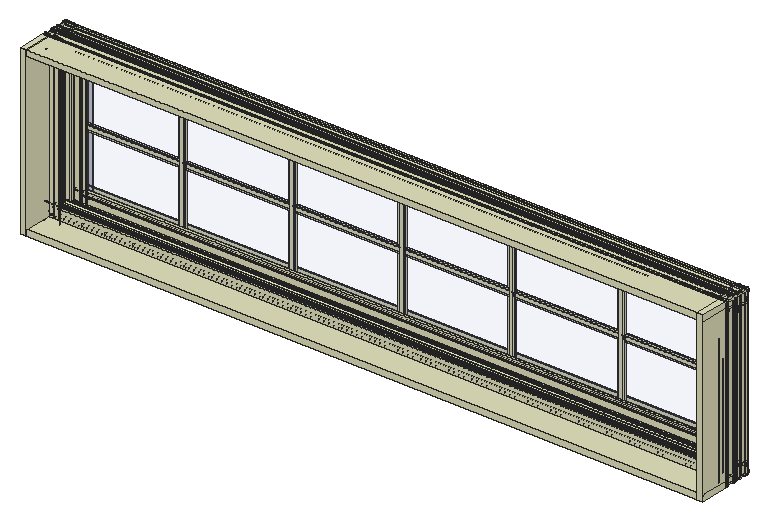
Revit family
Parameters
  Vertical Mullion 5 [instance] = Traditional Grille  # yes
  Unit Width = 5' - 11 1/2"
  Unit Height = 1' - 5 1/2"
  URL = "www.pella.com"
  Traditional Grille [instance] = yes
  Size Constraints = "Window Sizing constraints available in 1/4 inch (6.35 mm) increments"  # constant formula
  Set Back = 0' - 1 5/16"
  Series = "Impervia Series"  # constant formula
  Sections = ""
  Sash Width = Width - 0' 2 1/2"  # 5' - 9"
  Rough Width = Width + 0' 0 1/2"  # 6' - 0"
  Rough Height = Height + 0' 0 1/2"  # 1' - 6"
  Revisions Date = "07/29/2009"  # constant formula
  Prairie Grille [instance] = no
  OmniClass 23 = "23-30 00 00,23-30 20 00,23-30 20 14 17,23-30 20 17,23-30 20 17 11"  # constant formula
  MasterFormat 2004 = "08 00 00,08 50 00,08 52 00,08 53 13"  # constant formula
  Manufacturer = "Pella Windows & Doors"  # constant formula
  LEED = ""
  Interior Finish = Pella-Exterior Clad-Tan
  Horizontal Mullion 1 [instance] = and(Traditional Grille, not(Height > 1' 11 1/2"), and(Height > 1' 5 3/8"))  # yes
  Height = if(or(and(Unit Height < 1' 11 1/2", Unit Height > 1' 1 1/2"), or(Unit Height = 1' 11 1/2", Unit Height = 1' 1 1/2")), Unit Height, if(Unit Height < 1' 1 1/2", 1' 1 1/2", 1' 11 1/2"))  # 1' - 5 1/2"
  Head Height = Default Sill Height + Height  # 4' - 1"
  Grille Finish = Pella-Exterior Clad-Tan
  Glazing Type = Pella-Argon Filled, Low-E Insulating Glass
  Glazing = 0' - 0.71394"  # constant formula
  Exterior Finish = Pella-Exterior Clad-Tan
  Description = "Sliding Contemporary - Transom Units"  # constant formula
  Default Sill Height = 2' - 7 1/2"
  Wall Closure = (empty or 0)
  Width = if(or(and(Unit Width < 5' 11 1/2", Unit Width > 4' 11 1/2"), or(Unit Width = 5' 11 1/2", Unit Width = 4' 11 1/2")), Unit Width, if(Unit Width < 4' 11 1/2", 4' 11 1/2", 5' 11 1/2"))  # 5' - 11 1/2"
  Assembly Code = "B2020100"
  Architectural Design Manual = "www.pellaadm.com"
  Architectural Data Sheet = "To be determined"
Reference planes (in)
  plane 1: y = 0
  plane 2 "Center (Left/Right)": x = 0
  plane 3 "Left": x = -35.75
  plane 4 "Right": x = 35.75
  plane 5 "Sill": z = 31.5
  plane 6 "Head": z = 49
  plane 7 "Exterior": y = 2.95276
  plane 8 "Interior": y = -2.95276
  plane 9 "Exterior Facade": y = 4.26526
  plane 10 "Set Back": y = 2.95276
  plane 11 "Left Sash": x = -34.5
  plane 12 "Right Sash": x = 34.5
  plane 13 "Interior Left": x = -33.0132
  plane 14 "Interior Right": x = 33.0132
  plane 15 "Head (Interior)": z = 47.75
  plane 16 "Sill (Interior)": z = 32.75
  plane 17 "Head-Interior": z = 46.2632
  plane 18 "Sill-Interior": z = 34.2368
  plane 19: z = 40.25
  plane 20 "Glazing Exterior - Exterior": y = 2.7192
  plane 21 "Glazing Exterior - Interior": y = 2.60109
  plane 22 "Glazing Interior - Exterior": y = 2.00526
  plane 23 "Glazing Interior - Interior": y = 2.12337
  plane 24 "2nd Glazing Head": z = 45.96131
  plane 25 "2nd Glazing Sill": z = 34.53869
  plane 26: x = 32.71131
  plane 27: x = -32.71131
  plane 28: x = 34.28129
  plane 29: x = 34.33637
  plane 30: x = 34.36729
  plane 31: x = 33.63029
  plane 32: x = 33.35029
  plane 33: x = 33.28029
  plane 34: x = -34.28129
  plane 35: x = -34.33637
  plane 36: x = -34.36729
  plane 37: x = -33.63029
  plane 38: x = -33.35029
  plane 39: x = -33.28029
  plane 40: x = -32.71766
  plane 41: x = 32.71766
  plane 42: x = 35.125
  plane 43: y = -0.04722
  plane 44: x = -35.125
  plane 45: y = -0.04722
  plane 46: z = 32.125
  plane 47: y = -0.04722
  plane 48: y = -0.04722
  plane 49: z = 48.375
  plane 50: z = 34.04845
  plane 51: z = 46.45155
  plane 52: x = -33.20155
  plane 53: x = 33.20155
  plane 54: x = -33.20155
  plane 55: x = 33.20155
  plane 56: z = 34.04845
  plane 57: z = 46.45155
  plane 58: z = 46.53029
  plane 59: z = 33.96971
  plane 60: x = -33.28029
  plane 61: x = 33.28029
  plane 62: x = -11.09343
  plane 63: x = 11.09343
  plane 64: x = -17.25
  plane 65: x = 0
  plane 66: x = 17.25
  plane 67: x = -20.7
  plane 68: x = -6.9
  plane 69: x = 6.9
  plane 70: x = 20.7
  plane 71: x = -23
  plane 72: x = -11.5
  plane 73: x = 0
  plane 74: x = 11.5
  plane 75: x = 23
  plane 76: x = -22.625
  plane 77: x = -23.375
  plane 78: x = -11.125
  plane 79: x = -11.875
  plane 80: x = 0.375
  plane 81: x = -0.375
  plane 82: x = 11.875
  plane 83: x = 11.125
  plane 84: x = 23.375
  plane 85: x = 22.625
  plane 86: z = 39.875
  plane 87: z = 40.625
  plane 88: z = 38.2456
  plane 89: z = 42.2544
  plane 90: z = 37.2434
  plane 91: z = 40.25
  plane 92: z = 43.2566
  plane 93: z = 36.64208
  plane 94: z = 39.04736
  plane 95: z = 41.45264
  plane 96: z = 43.85792
  plane 97: x = -29.70571
  plane 98: x = -30.45571
  plane 99: x = 30.45571
  plane 100: x = 29.70571
  plane 101: z = 43.03804
  plane 102: z = 43.78804
  plane 103: z = 37.46196
  plane 104: z = 36.71196
Forms (in)
  Sweep 1, solid, material "Pella-Exterior Clad-Tan" <- "Exterior Finish"
    path origin (0, 2.95276, 0) x (1, 0, 0) y (0, 0, 1)
      loop
        line (-35.75, 31.5) -> (-35.75, 49)
    profile origin (-35.75, 2.95276, 40.25) x (-1, 0, 0) y (0, -1, 0)
      loop
        line (-0.22, 1.91998) -> (-0.22, 2.54998)
        arc (-0.22, 2.54998) -> (-0.18339, 2.63837) -> (-0.095, 2.67498) r 0.125
        arc (-0.095, 2.67498) -> (-0.06318, 2.68816) -> (-0.05, 2.71998) r 0.045
        line (-0.05, 2.71998) -> (-0.05, 2.90498)
        arc (-0.05, 2.90498) -> (-0.06318, 2.9368) -> (-0.095, 2.94998) r 0.045
        line (-0.095, 2.94998) -> (-1.688, 2.94998)
        arc (-1.688, 2.94998) -> (-1.71982, 2.9368) -> (-1.733, 2.90498) r 0.045
        line (-1.733, 2.90498) -> (-1.733, 2.82998)
        arc (-1.733, 2.82998) -> (-1.71982, 2.79816) -> (-1.688, 2.78498) r 0.045
        line (-1.688, 2.78498) -> (-1.52789, 2.78498)
        arc (-1.52789, 2.78498) -> (-1.47948, 2.76554) -> (-1.45796, 2.71802) r 0.07
        arc (-1.45796, 2.71802) -> (-1.44412, 2.68748) -> (-1.413, 2.67498) r 0.045
        line (-1.413, 2.67498) -> (-0.938, 2.67498)
        arc (-0.938, 2.67498) -> (-0.89016, 2.66547) -> (-0.84961, 2.63837) r 0.125
        arc (-0.84961, 2.63837) -> (-0.82252, 2.59782) -> (-0.813, 2.54998) r 0.125
        line (-0.813, 2.54998) -> (-0.813, 1.91998)
        arc (-0.813, 1.91998) -> (-0.79982, 1.88816) -> (-0.768, 1.87498) r 0.045
        line (-0.768, 1.87498) -> (-0.265, 1.87498)
        arc (-0.265, 1.87498) -> (-0.23318, 1.88816) -> (-0.22, 1.91998) r 0.045
      loop
        arc (-0.84961, 1.50359) -> (-0.89016, 1.4765) -> (-0.938, 1.46698) r 0.125
        line (-0.938, 1.46698) -> (-1.688, 1.46698)
        arc (-1.688, 1.46698) -> (-1.71982, 1.4538) -> (-1.733, 1.42198) r 0.045
        line (-1.733, 1.42198) -> (-1.733, 1.23198)
        arc (-1.733, 1.23198) -> (-1.71982, 1.20016) -> (-1.688, 1.18698) r 0.045
        line (-1.688, 1.18698) -> (-1.305, 1.18698)
        arc (-1.305, 1.18698) -> (-1.20318, 1.1448) -> (-1.161, 1.04298) r 0.144
        line (-1.161, 1.04298) -> (-1.161, 0.70298)
        arc (-1.161, 0.70298) -> (-1.19758, 0.62488) -> (-1.281, 0.60298) r 0.10167
        arc (-1.281, 0.60298) -> (-1.29514, 0.59712) -> (-1.301, 0.58298) r 0.02
        line (-1.301, 0.58298) -> (-1.301, 0.24498)
        arc (-1.301, 0.24498) -> (-1.2805, 0.19548) -> (-1.231, 0.17498) r 0.07
        line (-1.231, 0.17498) -> (-0.94153, 0.17498)
        arc (-0.94153, 0.17498) -> (-0.87464, 0.14847) -> (-0.84408, 0.08333) r 0.09764
        arc (-0.84408, 0.08333) -> (-0.828, 0.05928) -> (-0.80061, 0.04998) r 0.045
        line (-0.80061, 0.04998) -> (-0.095, 0.04998)
        arc (-0.095, 0.04998) -> (-0.06318, 0.06316) -> (-0.05, 0.09498) r 0.045
        line (-0.05, 0.09498) -> (-0.05, 0.27998)
        arc (-0.05, 0.27998) -> (-0.06318, 0.3118) -> (-0.095, 0.32498) r 0.045
        arc (-0.095, 0.32498) -> (-0.18339, 0.36159) -> (-0.22, 0.44998) r 0.125
        line (-0.22, 0.44998) -> (-0.22, 1.75998)
        arc (-0.22, 1.75998) -> (-0.23318, 1.7918) -> (-0.265, 1.80498) r 0.045
        line (-0.265, 1.80498) -> (-0.768, 1.80498)
        arc (-0.768, 1.80498) -> (-0.79982, 1.7918) -> (-0.813, 1.75998) r 0.045
        line (-0.813, 1.75998) -> (-0.813, 1.59198)
        arc (-0.813, 1.59198) -> (-0.82252, 1.54414) -> (-0.84961, 1.50359) r 0.125
      loop
        arc (-1.008, 1.54377) -> (-1.018, 1.56109) -> (-1.038, 1.56109) r 0.02
        line (-1.038, 1.56109) -> (-1.09816, 1.52636)
        arc (-1.09816, 1.52636) -> (-1.11505, 1.51937) -> (-1.13316, 1.51698) r 0.07
        line (-1.13316, 1.51698) -> (-1.688, 1.51698)
        arc (-1.688, 1.51698) -> (-1.75518, 1.48916) -> (-1.783, 1.42198) r 0.095
        line (-1.783, 1.42198) -> (-1.783, 1.13596)
        arc (-1.783, 1.13596) -> (-1.75497, 1.10845) -> (-1.72798, 1.13698) r 0.02752
        line (-1.72798, 1.13698) -> (-1.305, 1.13698)
        arc (-1.305, 1.13698) -> (-1.23853, 1.10945) -> (-1.211, 1.04298) r 0.094
        line (-1.211, 1.04298) -> (-1.211, 0.70298)
        arc (-1.211, 0.70298) -> (-1.23313, 0.65997) -> (-1.281, 0.65298) r 0.05286
        arc (-1.281, 0.65298) -> (-1.3305, 0.63248) -> (-1.351, 0.58298) r 0.07
        line (-1.351, 0.58298) -> (-1.351, 0.24498)
        arc (-1.351, 0.24498) -> (-1.31585, 0.16013) -> (-1.231, 0.12498) r 0.12
        line (-1.231, 0.12498) -> (-0.96185, 0.12498)
        arc (-0.96185, 0.12498) -> (-0.90983, 0.10349) -> (-0.88741, 0.05186) r 0.07499
        arc (-0.88741, 0.05186) -> (-0.86241, 0.01445) -> (-0.81979, -0.00002) r 0.07
        line (-0.81979, -0.00002) -> (-0.095, -0.00002)
        arc (-0.095, -0.00002) -> (-0.02782, 0.02781) -> (0, 0.09498) r 0.095
        line (0, 0.09498) -> (0, 0.27998)
        arc (0, 0.27998) -> (-0.02782, 0.34716) -> (-0.095, 0.37498) r 0.095
        arc (-0.095, 0.37498) -> (-0.13389, 0.39109) -> (-0.15, 0.42998) r 0.055
        line (-0.15, 0.42998) -> (-0.15, 0.8212)
        arc (-0.15, 0.8212) -> (-0.14048, 0.86904) -> (-0.11339, 0.90959) r 0.125
        line (-0.11339, 0.90959) -> (-0.03318, 0.9898)
        arc (-0.03318, 0.9898) -> (-0.02343, 1.0044) -> (-0.02, 1.02162) r 0.045
        line (-0.02, 1.02162) -> (-0.02, 1.08198)
        arc (-0.02, 1.08198) -> (-0.02892, 1.10247) -> (-0.05, 1.10991) r 0.028
        arc (-0.05, 1.10991) -> (-0.07108, 1.10247) -> (-0.08, 1.08198) r 0.028
        line (-0.08, 1.08198) -> (-0.08, 1.03498) -> (-0.13, 1.03498)
        arc (-0.13, 1.03498) -> (-0.14414, 1.04084) -> (-0.15, 1.05498) r 0.02
        line (-0.15, 1.05498) -> (-0.15, 1.51498)
        arc (-0.15, 1.51498) -> (-0.14414, 1.52912) -> (-0.13, 1.53498) r 0.02
        line (-0.13, 1.53498) -> (-0.08, 1.53498) -> (-0.08, 1.48798)
        arc (-0.08, 1.48798) -> (-0.07108, 1.46749) -> (-0.05, 1.46005) r 0.028
        arc (-0.05, 1.46005) -> (-0.02892, 1.46749) -> (-0.02, 1.48798) r 0.028
        line (-0.02, 1.48798) -> (-0.02, 1.54834)
        arc (-0.02, 1.54834) -> (-0.02343, 1.56556) -> (-0.03318, 1.58016) r 0.045
        line (-0.03318, 1.58016) -> (-0.1235, 1.67048)
        arc (-0.1235, 1.67048) -> (-0.13862, 1.68879) -> (-0.15, 1.70962) r 0.125
        arc (-0.15, 1.70962) -> (-0.13818, 1.74002) -> (-0.10892, 1.75445) r 0.045
        line (-0.10892, 1.75445) -> (-0.04108, 1.76039)
        arc (-0.04108, 1.76039) -> (-0.01182, 1.77481) -> (0, 1.80522) r 0.045
        line (0, 1.80522) -> (0, 1.87275)
        arc (0, 1.87275) -> (-0.01182, 1.90315) -> (-0.04108, 1.91757) r 0.045
        line (-0.04108, 1.91757) -> (-0.10892, 1.92351)
        arc (-0.10892, 1.92351) -> (-0.13818, 1.93794) -> (-0.15, 1.96834) r 0.045
        line (-0.15, 1.96834) -> (-0.15, 2.56998)
        arc (-0.15, 2.56998) -> (-0.13389, 2.60887) -> (-0.095, 2.62498) r 0.055
        arc (-0.095, 2.62498) -> (-0.02782, 2.65281) -> (0, 2.71998) r 0.095
        line (0, 2.71998) -> (0, 2.90498)
        arc (0, 2.90498) -> (-0.02782, 2.97216) -> (-0.095, 2.99998) r 0.095
        line (-0.095, 2.99998) -> (-1.688, 2.99998)
        arc (-1.688, 2.99998) -> (-1.75518, 2.97216) -> (-1.783, 2.90498) r 0.095
        line (-1.783, 2.90498) -> (-1.783, 2.69498)
        arc (-1.783, 2.69498) -> (-1.75702, 2.63992) -> (-1.698, 2.62498) r 0.07132
        arc (-1.698, 2.62498) -> (-1.67592, 2.63467) -> (-1.6681, 2.65748) r 0.03
        arc (-1.6681, 2.65748) -> (-1.67592, 2.68029) -> (-1.698, 2.68998) r 0.03
        arc (-1.698, 2.68998) -> (-1.7205, 2.71248) -> (-1.698, 2.73498) r 0.0225
        line (-1.698, 2.73498) -> (-1.528, 2.73498)
        arc (-1.528, 2.73498) -> (-1.5055, 2.71248) -> (-1.528, 2.68998) r 0.0225
        arc (-1.528, 2.68998) -> (-1.55008, 2.68029) -> (-1.5579, 2.65748) r 0.03
        arc (-1.5579, 2.65748) -> (-1.55008, 2.63467) -> (-1.528, 2.62498) r 0.03
        line (-1.528, 2.62498) -> (-1.13316, 2.62498)
        arc (-1.13316, 2.62498) -> (-1.11505, 2.6226) -> (-1.09816, 2.6156) r 0.07
        line (-1.09816, 2.6156) -> (-1.038, 2.58087)
        arc (-1.038, 2.58087) -> (-1.018, 2.58087) -> (-1.008, 2.59819) r 0.02
        arc (-1.008, 2.59819) -> (-1.0045, 2.61644) -> (-0.988, 2.62498) r 0.02128
        line (-0.988, 2.62498) -> (-0.95454, 2.62498)
        arc (-0.95454, 2.62498) -> (-0.90349, 2.59864) -> (-0.883, 2.54498) r 0.0805
        line (-0.883, 2.54498) -> (-0.883, 1.59698)
        arc (-0.883, 1.59698) -> (-0.90349, 1.54332) -> (-0.95454, 1.51698) r 0.0805
        line (-0.95454, 1.51698) -> (-0.988, 1.51698)
        arc (-0.988, 1.51698) -> (-1.0045, 1.52552) -> (-1.008, 1.54377) r 0.02128
  Sweep 2, solid, material "Pella-Exterior Clad-Tan" <- "Exterior Finish"
    path origin (0, 2.95276, 0) x (1, 0, 0) y (0, 0, 1)
      loop
        line (35.75, 31.5) -> (35.75, 49)
    profile origin (35.75, 2.95276, 40.25) x (-1, 0, 0) y (0, -1, 0)
      loop
        arc (0.22, 1.91998) -> (0.23318, 1.88816) -> (0.265, 1.87498) r 0.045
        line (0.265, 1.87498) -> (0.768, 1.87498)
        arc (0.768, 1.87498) -> (0.79982, 1.88816) -> (0.813, 1.91998) r 0.045
        line (0.813, 1.91998) -> (0.813, 2.54998)
        arc (0.813, 2.54998) -> (0.82252, 2.59782) -> (0.84961, 2.63837) r 0.125
        arc (0.84961, 2.63837) -> (0.89016, 2.66547) -> (0.938, 2.67498) r 0.125
        line (0.938, 2.67498) -> (1.413, 2.67498)
        arc (1.413, 2.67498) -> (1.44412, 2.68748) -> (1.45796, 2.71802) r 0.045
        arc (1.45796, 2.71802) -> (1.47948, 2.76554) -> (1.52789, 2.78498) r 0.07
        line (1.52789, 2.78498) -> (1.688, 2.78498)
        arc (1.688, 2.78498) -> (1.71982, 2.79816) -> (1.733, 2.82998) r 0.045
        line (1.733, 2.82998) -> (1.733, 2.90498)
        arc (1.733, 2.90498) -> (1.71982, 2.9368) -> (1.688, 2.94998) r 0.045
        line (1.688, 2.94998) -> (0.095, 2.94998)
        arc (0.095, 2.94998) -> (0.06318, 2.9368) -> (0.05, 2.90498) r 0.045
        line (0.05, 2.90498) -> (0.05, 2.71998)
        arc (0.05, 2.71998) -> (0.06318, 2.68816) -> (0.095, 2.67498) r 0.045
        arc (0.095, 2.67498) -> (0.18339, 2.63837) -> (0.22, 2.54998) r 0.125
        line (0.22, 2.54998) -> (0.22, 1.91998)
      loop
        arc (0.84961, 1.50359) -> (0.82252, 1.54414) -> (0.813, 1.59198) r 0.125
        line (0.813, 1.59198) -> (0.813, 1.75998)
        arc (0.813, 1.75998) -> (0.79982, 1.7918) -> (0.768, 1.80498) r 0.045
        line (0.768, 1.80498) -> (0.265, 1.80498)
        arc (0.265, 1.80498) -> (0.23318, 1.7918) -> (0.22, 1.75998) r 0.045
        line (0.22, 1.75998) -> (0.22, 0.44998)
        arc (0.22, 0.44998) -> (0.18339, 0.36159) -> (0.095, 0.32498) r 0.125
        arc (0.095, 0.32498) -> (0.06318, 0.3118) -> (0.05, 0.27998) r 0.045
        line (0.05, 0.27998) -> (0.05, 0.09498)
        arc (0.05, 0.09498) -> (0.06318, 0.06316) -> (0.095, 0.04998) r 0.045
        line (0.095, 0.04998) -> (0.80061, 0.04998)
        arc (0.80061, 0.04998) -> (0.828, 0.05928) -> (0.84408, 0.08333) r 0.045
        arc (0.84408, 0.08333) -> (0.87464, 0.14847) -> (0.94153, 0.17498) r 0.09764
        line (0.94153, 0.17498) -> (1.231, 0.17498)
        arc (1.231, 0.17498) -> (1.2805, 0.19548) -> (1.301, 0.24498) r 0.07
        line (1.301, 0.24498) -> (1.301, 0.58298)
        arc (1.301, 0.58298) -> (1.29514, 0.59712) -> (1.281, 0.60298) r 0.02
        arc (1.281, 0.60298) -> (1.19758, 0.62488) -> (1.161, 0.70298) r 0.10167
        line (1.161, 0.70298) -> (1.161, 1.04298)
        arc (1.161, 1.04298) -> (1.20318, 1.1448) -> (1.305, 1.18698) r 0.144
        line (1.305, 1.18698) -> (1.688, 1.18698)
        arc (1.688, 1.18698) -> (1.71982, 1.20016) -> (1.733, 1.23198) r 0.045
        line (1.733, 1.23198) -> (1.733, 1.42198)
        arc (1.733, 1.42198) -> (1.71982, 1.4538) -> (1.688, 1.46698) r 0.045
        line (1.688, 1.46698) -> (0.938, 1.46698)
        arc (0.938, 1.46698) -> (0.89016, 1.4765) -> (0.84961, 1.50359) r 0.125
      loop
        arc (1.008, 1.54377) -> (1.0045, 1.52552) -> (0.988, 1.51698) r 0.02128
        line (0.988, 1.51698) -> (0.95454, 1.51698)
        arc (0.95454, 1.51698) -> (0.90349, 1.54332) -> (0.883, 1.59698) r 0.0805
        line (0.883, 1.59698) -> (0.883, 2.54498)
        arc (0.883, 2.54498) -> (0.90349, 2.59864) -> (0.95454, 2.62498) r 0.0805
        line (0.95454, 2.62498) -> (0.988, 2.62498)
        arc (0.988, 2.62498) -> (1.0045, 2.61644) -> (1.008, 2.59819) r 0.02128
        arc (1.008, 2.59819) -> (1.018, 2.58087) -> (1.038, 2.58087) r 0.02
        line (1.038, 2.58087) -> (1.09816, 2.6156)
        arc (1.09816, 2.6156) -> (1.11505, 2.6226) -> (1.13316, 2.62498) r 0.07
        line (1.13316, 2.62498) -> (1.528, 2.62498)
        arc (1.528, 2.62498) -> (1.55008, 2.63467) -> (1.5579, 2.65748) r 0.03
        arc (1.5579, 2.65748) -> (1.55008, 2.68029) -> (1.528, 2.68998) r 0.03
        arc (1.528, 2.68998) -> (1.5055, 2.71248) -> (1.528, 2.73498) r 0.0225
        line (1.528, 2.73498) -> (1.698, 2.73498)
        arc (1.698, 2.73498) -> (1.7205, 2.71248) -> (1.698, 2.68998) r 0.0225
        arc (1.698, 2.68998) -> (1.67592, 2.68029) -> (1.6681, 2.65748) r 0.03
        arc (1.6681, 2.65748) -> (1.67592, 2.63467) -> (1.698, 2.62498) r 0.03
        arc (1.698, 2.62498) -> (1.75702, 2.63992) -> (1.783, 2.69498) r 0.07132
        line (1.783, 2.69498) -> (1.783, 2.90498)
        arc (1.783, 2.90498) -> (1.75518, 2.97216) -> (1.688, 2.99998) r 0.095
        line (1.688, 2.99998) -> (0.095, 2.99998)
        arc (0.095, 2.99998) -> (0.02782, 2.97216) -> (0, 2.90498) r 0.095
        line (0, 2.90498) -> (0, 2.71998)
        arc (0, 2.71998) -> (0.02782, 2.65281) -> (0.095, 2.62498) r 0.095
        arc (0.095, 2.62498) -> (0.13389, 2.60887) -> (0.15, 2.56998) r 0.055
        line (0.15, 2.56998) -> (0.15, 1.96834)
        arc (0.15, 1.96834) -> (0.13818, 1.93794) -> (0.10892, 1.92351) r 0.045
        line (0.10892, 1.92351) -> (0.04108, 1.91757)
        arc (0.04108, 1.91757) -> (0.01182, 1.90315) -> (0, 1.87275) r 0.045
        line (0, 1.87275) -> (0, 1.80522)
        arc (0, 1.80522) -> (0.01182, 1.77481) -> (0.04108, 1.76039) r 0.045
        line (0.04108, 1.76039) -> (0.10892, 1.75445)
        arc (0.10892, 1.75445) -> (0.13818, 1.74002) -> (0.15, 1.70962) r 0.045
        arc (0.15, 1.70962) -> (0.13862, 1.68879) -> (0.1235, 1.67048) r 0.125
        line (0.1235, 1.67048) -> (0.03318, 1.58016)
        arc (0.03318, 1.58016) -> (0.02343, 1.56556) -> (0.02, 1.54834) r 0.045
        line (0.02, 1.54834) -> (0.02, 1.48798)
        arc (0.02, 1.48798) -> (0.02892, 1.46749) -> (0.05, 1.46005) r 0.028
        arc (0.05, 1.46005) -> (0.07108, 1.46749) -> (0.08, 1.48798) r 0.028
        line (0.08, 1.48798) -> (0.08, 1.53498) -> (0.13, 1.53498)
        arc (0.13, 1.53498) -> (0.14414, 1.52912) -> (0.15, 1.51498) r 0.02
        line (0.15, 1.51498) -> (0.15, 1.05498)
        arc (0.15, 1.05498) -> (0.14414, 1.04084) -> (0.13, 1.03498) r 0.02
        line (0.13, 1.03498) -> (0.08, 1.03498) -> (0.08, 1.08198)
        arc (0.08, 1.08198) -> (0.07108, 1.10247) -> (0.05, 1.10991) r 0.028
        arc (0.05, 1.10991) -> (0.02892, 1.10247) -> (0.02, 1.08198) r 0.028
        line (0.02, 1.08198) -> (0.02, 1.02162)
        arc (0.02, 1.02162) -> (0.02343, 1.0044) -> (0.03318, 0.9898) r 0.045
        line (0.03318, 0.9898) -> (0.11339, 0.90959)
        arc (0.11339, 0.90959) -> (0.14048, 0.86904) -> (0.15, 0.8212) r 0.125
        line (0.15, 0.8212) -> (0.15, 0.42998)
        arc (0.15, 0.42998) -> (0.13389, 0.39109) -> (0.095, 0.37498) r 0.055
        arc (0.095, 0.37498) -> (0.02782, 0.34716) -> (0, 0.27998) r 0.095
        line (0, 0.27998) -> (0, 0.09498)
        arc (0, 0.09498) -> (0.02782, 0.02781) -> (0.095, -0.00002) r 0.095
        line (0.095, -0.00002) -> (0.81979, -0.00002)
        arc (0.81979, -0.00002) -> (0.86241, 0.01445) -> (0.88741, 0.05186) r 0.07
        arc (0.88741, 0.05186) -> (0.90983, 0.10349) -> (0.96185, 0.12498) r 0.07499
        line (0.96185, 0.12498) -> (1.231, 0.12498)
        arc (1.231, 0.12498) -> (1.31585, 0.16013) -> (1.351, 0.24498) r 0.12
        line (1.351, 0.24498) -> (1.351, 0.58298)
        arc (1.351, 0.58298) -> (1.3305, 0.63248) -> (1.281, 0.65298) r 0.07
        arc (1.281, 0.65298) -> (1.23313, 0.65997) -> (1.211, 0.70298) r 0.05286
        line (1.211, 0.70298) -> (1.211, 1.04298)
        arc (1.211, 1.04298) -> (1.23853, 1.10945) -> (1.305, 1.13698) r 0.094
        line (1.305, 1.13698) -> (1.72798, 1.13698)
        arc (1.72798, 1.13698) -> (1.75497, 1.10845) -> (1.783, 1.13596) r 0.02752
        line (1.783, 1.13596) -> (1.783, 1.42198)
        arc (1.783, 1.42198) -> (1.75518, 1.48916) -> (1.688, 1.51698) r 0.095
        line (1.688, 1.51698) -> (1.13316, 1.51698)
        arc (1.13316, 1.51698) -> (1.11505, 1.51937) -> (1.09816, 1.52636) r 0.07
        line (1.09816, 1.52636) -> (1.038, 1.56109)
        arc (1.038, 1.56109) -> (1.018, 1.56109) -> (1.008, 1.54377) r 0.02
  Sweep 3, solid, material "Pella-Exterior Clad-Tan" <- "Exterior Finish"
    path origin (0, 2.95276, 0) x (1, 0, 0) y (0, 0, 1)
      loop
        line (35.75, 49) -> (-35.75, 49)
    profile origin (0, 2.95276, 49) x (0, 0, -1) y (0, -1, 0)
      loop
        arc (0.22, 1.91998) -> (0.23318, 1.88816) -> (0.265, 1.87498) r 0.045
        line (0.265, 1.87498) -> (0.768, 1.87498)
        arc (0.768, 1.87498) -> (0.79982, 1.88816) -> (0.813, 1.91998) r 0.045
        line (0.813, 1.91998) -> (0.813, 2.54998)
        arc (0.813, 2.54998) -> (0.82252, 2.59782) -> (0.84961, 2.63837) r 0.125
        arc (0.84961, 2.63837) -> (0.89016, 2.66547) -> (0.938, 2.67498) r 0.125
        line (0.938, 2.67498) -> (1.413, 2.67498)
        arc (1.413, 2.67498) -> (1.44412, 2.68748) -> (1.45796, 2.71802) r 0.045
        arc (1.45796, 2.71802) -> (1.47948, 2.76554) -> (1.52789, 2.78498) r 0.07
        line (1.52789, 2.78498) -> (1.688, 2.78498)
        arc (1.688, 2.78498) -> (1.71982, 2.79816) -> (1.733, 2.82998) r 0.045
        line (1.733, 2.82998) -> (1.733, 2.90498)
        arc (1.733, 2.90498) -> (1.71982, 2.9368) -> (1.688, 2.94998) r 0.045
        line (1.688, 2.94998) -> (0.095, 2.94998)
        arc (0.095, 2.94998) -> (0.06318, 2.9368) -> (0.05, 2.90498) r 0.045
        line (0.05, 2.90498) -> (0.05, 2.71998)
        arc (0.05, 2.71998) -> (0.06318, 2.68816) -> (0.095, 2.67498) r 0.045
        arc (0.095, 2.67498) -> (0.18339, 2.63837) -> (0.22, 2.54998) r 0.125
        line (0.22, 2.54998) -> (0.22, 1.91998)
      loop
        arc (0.84961, 1.50359) -> (0.82252, 1.54414) -> (0.813, 1.59198) r 0.125
        line (0.813, 1.59198) -> (0.813, 1.75998)
        arc (0.813, 1.75998) -> (0.79982, 1.7918) -> (0.768, 1.80498) r 0.045
        line (0.768, 1.80498) -> (0.265, 1.80498)
        arc (0.265, 1.80498) -> (0.23318, 1.7918) -> (0.22, 1.75998) r 0.045
        line (0.22, 1.75998) -> (0.22, 0.44998)
        arc (0.22, 0.44998) -> (0.18339, 0.36159) -> (0.095, 0.32498) r 0.125
        arc (0.095, 0.32498) -> (0.06318, 0.3118) -> (0.05, 0.27998) r 0.045
        line (0.05, 0.27998) -> (0.05, 0.09498)
        arc (0.05, 0.09498) -> (0.06318, 0.06316) -> (0.095, 0.04998) r 0.045
        line (0.095, 0.04998) -> (0.80061, 0.04998)
        arc (0.80061, 0.04998) -> (0.828, 0.05928) -> (0.84408, 0.08333) r 0.045
        arc (0.84408, 0.08333) -> (0.87464, 0.14847) -> (0.94153, 0.17498) r 0.09764
        line (0.94153, 0.17498) -> (1.231, 0.17498)
        arc (1.231, 0.17498) -> (1.2805, 0.19548) -> (1.301, 0.24498) r 0.07
        line (1.301, 0.24498) -> (1.301, 0.58298)
        arc (1.301, 0.58298) -> (1.29514, 0.59712) -> (1.281, 0.60298) r 0.02
        arc (1.281, 0.60298) -> (1.19758, 0.62488) -> (1.161, 0.70298) r 0.10167
        line (1.161, 0.70298) -> (1.161, 1.04298)
        arc (1.161, 1.04298) -> (1.20318, 1.1448) -> (1.305, 1.18698) r 0.144
        line (1.305, 1.18698) -> (1.688, 1.18698)
        arc (1.688, 1.18698) -> (1.71982, 1.20016) -> (1.733, 1.23198) r 0.045
        line (1.733, 1.23198) -> (1.733, 1.42198)
        arc (1.733, 1.42198) -> (1.71982, 1.4538) -> (1.688, 1.46698) r 0.045
        line (1.688, 1.46698) -> (0.938, 1.46698)
        arc (0.938, 1.46698) -> (0.89016, 1.4765) -> (0.84961, 1.50359) r 0.125
      loop
        arc (1.008, 1.54377) -> (1.0045, 1.52552) -> (0.988, 1.51698) r 0.02128
        line (0.988, 1.51698) -> (0.95454, 1.51698)
        arc (0.95454, 1.51698) -> (0.90349, 1.54332) -> (0.883, 1.59698) r 0.0805
        line (0.883, 1.59698) -> (0.883, 2.54498)
        arc (0.883, 2.54498) -> (0.90349, 2.59864) -> (0.95454, 2.62498) r 0.0805
        line (0.95454, 2.62498) -> (0.988, 2.62498)
        arc (0.988, 2.62498) -> (1.0045, 2.61644) -> (1.008, 2.59819) r 0.02128
        arc (1.008, 2.59819) -> (1.018, 2.58087) -> (1.038, 2.58087) r 0.02
        line (1.038, 2.58087) -> (1.09816, 2.6156)
        arc (1.09816, 2.6156) -> (1.11505, 2.6226) -> (1.13316, 2.62498) r 0.07
        line (1.13316, 2.62498) -> (1.528, 2.62498)
        arc (1.528, 2.62498) -> (1.55008, 2.63467) -> (1.5579, 2.65748) r 0.03
        arc (1.5579, 2.65748) -> (1.55008, 2.68029) -> (1.528, 2.68998) r 0.03
        arc (1.528, 2.68998) -> (1.5055, 2.71248) -> (1.528, 2.73498) r 0.0225
        line (1.528, 2.73498) -> (1.698, 2.73498)
        arc (1.698, 2.73498) -> (1.7205, 2.71248) -> (1.698, 2.68998) r 0.0225
        arc (1.698, 2.68998) -> (1.67592, 2.68029) -> (1.6681, 2.65748) r 0.03
        arc (1.6681, 2.65748) -> (1.67592, 2.63467) -> (1.698, 2.62498) r 0.03
        arc (1.698, 2.62498) -> (1.75702, 2.63992) -> (1.783, 2.69498) r 0.07132
        line (1.783, 2.69498) -> (1.783, 2.90498)
        arc (1.783, 2.90498) -> (1.75518, 2.97216) -> (1.688, 2.99998) r 0.095
        line (1.688, 2.99998) -> (0.095, 2.99998)
        arc (0.095, 2.99998) -> (0.02782, 2.97216) -> (0, 2.90498) r 0.095
        line (0, 2.90498) -> (0, 2.71998)
        arc (0, 2.71998) -> (0.02782, 2.65281) -> (0.095, 2.62498) r 0.095
        arc (0.095, 2.62498) -> (0.13389, 2.60887) -> (0.15, 2.56998) r 0.055
        line (0.15, 2.56998) -> (0.15, 1.96834)
        arc (0.15, 1.96834) -> (0.13818, 1.93794) -> (0.10892, 1.92351) r 0.045
        line (0.10892, 1.92351) -> (0.04108, 1.91757)
        arc (0.04108, 1.91757) -> (0.01182, 1.90315) -> (0, 1.87275) r 0.045
        line (0, 1.87275) -> (0, 1.80522)
        arc (0, 1.80522) -> (0.01182, 1.77481) -> (0.04108, 1.76039) r 0.045
        line (0.04108, 1.76039) -> (0.10892, 1.75445)
        arc (0.10892, 1.75445) -> (0.13818, 1.74002) -> (0.15, 1.70962) r 0.045
        arc (0.15, 1.70962) -> (0.13862, 1.68879) -> (0.1235, 1.67048) r 0.125
        line (0.1235, 1.67048) -> (0.03318, 1.58016)
        arc (0.03318, 1.58016) -> (0.02343, 1.56556) -> (0.02, 1.54834) r 0.045
        line (0.02, 1.54834) -> (0.02, 1.48798)
        arc (0.02, 1.48798) -> (0.02892, 1.46749) -> (0.05, 1.46005) r 0.028
        arc (0.05, 1.46005) -> (0.07108, 1.46749) -> (0.08, 1.48798) r 0.028
        line (0.08, 1.48798) -> (0.08, 1.53498) -> (0.13, 1.53498)
        arc (0.13, 1.53498) -> (0.14414, 1.52912) -> (0.15, 1.51498) r 0.02
        line (0.15, 1.51498) -> (0.15, 1.05498)
        arc (0.15, 1.05498) -> (0.14414, 1.04084) -> (0.13, 1.03498) r 0.02
        line (0.13, 1.03498) -> (0.08, 1.03498) -> (0.08, 1.08198)
        arc (0.08, 1.08198) -> (0.07108, 1.10247) -> (0.05, 1.10991) r 0.028
        arc (0.05, 1.10991) -> (0.02892, 1.10247) -> (0.02, 1.08198) r 0.028
        line (0.02, 1.08198) -> (0.02, 1.02162)
        arc (0.02, 1.02162) -> (0.02343, 1.0044) -> (0.03318, 0.9898) r 0.045
        line (0.03318, 0.9898) -> (0.11339, 0.90959)
        arc (0.11339, 0.90959) -> (0.14048, 0.86904) -> (0.15, 0.8212) r 0.125
        line (0.15, 0.8212) -> (0.15, 0.42998)
        arc (0.15, 0.42998) -> (0.13389, 0.39109) -> (0.095, 0.37498) r 0.055
        arc (0.095, 0.37498) -> (0.02782, 0.34716) -> (0, 0.27998) r 0.095
        line (0, 0.27998) -> (0, 0.09498)
        arc (0, 0.09498) -> (0.02782, 0.02781) -> (0.095, -0.00002) r 0.095
        line (0.095, -0.00002) -> (0.81979, -0.00002)
        arc (0.81979, -0.00002) -> (0.86241, 0.01445) -> (0.88741, 0.05186) r 0.07
        arc (0.88741, 0.05186) -> (0.90983, 0.10349) -> (0.96185, 0.12498) r 0.07499
        line (0.96185, 0.12498) -> (1.231, 0.12498)
        arc (1.231, 0.12498) -> (1.31585, 0.16013) -> (1.351, 0.24498) r 0.12
        line (1.351, 0.24498) -> (1.351, 0.58298)
        arc (1.351, 0.58298) -> (1.3305, 0.63248) -> (1.281, 0.65298) r 0.07
        arc (1.281, 0.65298) -> (1.23313, 0.65997) -> (1.211, 0.70298) r 0.05286
        line (1.211, 0.70298) -> (1.211, 1.04298)
        arc (1.211, 1.04298) -> (1.23853, 1.10945) -> (1.305, 1.13698) r 0.094
        line (1.305, 1.13698) -> (1.72798, 1.13698)
        arc (1.72798, 1.13698) -> (1.75497, 1.10845) -> (1.783, 1.13596) r 0.02752
        line (1.783, 1.13596) -> (1.783, 1.42198)
        arc (1.783, 1.42198) -> (1.75518, 1.48916) -> (1.688, 1.51698) r 0.095
        line (1.688, 1.51698) -> (1.13316, 1.51698)
        arc (1.13316, 1.51698) -> (1.11505, 1.51937) -> (1.09816, 1.52636) r 0.07
        line (1.09816, 1.52636) -> (1.038, 1.56109)
        arc (1.038, 1.56109) -> (1.018, 1.56109) -> (1.008, 1.54377) r 0.02
  Sweep 4, solid, material "Pella-Exterior Clad-Tan" <- "Exterior Finish"
    path origin (0, 2.95276, 0) x (1, 0, 0) y (0, 0, 1)
      loop
        line (35.75, 31.5) -> (-35.75, 31.5)
    profile origin (0, 2.95276, 31.5) x (0, 0, -1) y (0, -1, 0)
      loop
        line (-0.22, 1.91998) -> (-0.22, 2.54998)
        arc (-0.22, 2.54998) -> (-0.18339, 2.63837) -> (-0.095, 2.67498) r 0.125
        arc (-0.095, 2.67498) -> (-0.06318, 2.68816) -> (-0.05, 2.71998) r 0.045
        line (-0.05, 2.71998) -> (-0.05, 2.90498)
        arc (-0.05, 2.90498) -> (-0.06318, 2.9368) -> (-0.095, 2.94998) r 0.045
        line (-0.095, 2.94998) -> (-1.688, 2.94998)
        arc (-1.688, 2.94998) -> (-1.71982, 2.9368) -> (-1.733, 2.90498) r 0.045
        line (-1.733, 2.90498) -> (-1.733, 2.82998)
        arc (-1.733, 2.82998) -> (-1.71982, 2.79816) -> (-1.688, 2.78498) r 0.045
        line (-1.688, 2.78498) -> (-1.52789, 2.78498)
        arc (-1.52789, 2.78498) -> (-1.47948, 2.76554) -> (-1.45796, 2.71802) r 0.07
        arc (-1.45796, 2.71802) -> (-1.44412, 2.68748) -> (-1.413, 2.67498) r 0.045
        line (-1.413, 2.67498) -> (-0.938, 2.67498)
        arc (-0.938, 2.67498) -> (-0.89016, 2.66547) -> (-0.84961, 2.63837) r 0.125
        arc (-0.84961, 2.63837) -> (-0.82252, 2.59782) -> (-0.813, 2.54998) r 0.125
        line (-0.813, 2.54998) -> (-0.813, 1.91998)
        arc (-0.813, 1.91998) -> (-0.79982, 1.88816) -> (-0.768, 1.87498) r 0.045
        line (-0.768, 1.87498) -> (-0.265, 1.87498)
        arc (-0.265, 1.87498) -> (-0.23318, 1.88816) -> (-0.22, 1.91998) r 0.045
      loop
        arc (-0.84961, 1.50359) -> (-0.89016, 1.4765) -> (-0.938, 1.46698) r 0.125
        line (-0.938, 1.46698) -> (-1.688, 1.46698)
        arc (-1.688, 1.46698) -> (-1.71982, 1.4538) -> (-1.733, 1.42198) r 0.045
        line (-1.733, 1.42198) -> (-1.733, 1.23198)
        arc (-1.733, 1.23198) -> (-1.71982, 1.20016) -> (-1.688, 1.18698) r 0.045
        line (-1.688, 1.18698) -> (-1.305, 1.18698)
        arc (-1.305, 1.18698) -> (-1.20318, 1.1448) -> (-1.161, 1.04298) r 0.144
        line (-1.161, 1.04298) -> (-1.161, 0.70298)
        arc (-1.161, 0.70298) -> (-1.19758, 0.62488) -> (-1.281, 0.60298) r 0.10167
        arc (-1.281, 0.60298) -> (-1.29514, 0.59712) -> (-1.301, 0.58298) r 0.02
        line (-1.301, 0.58298) -> (-1.301, 0.24498)
        arc (-1.301, 0.24498) -> (-1.2805, 0.19548) -> (-1.231, 0.17498) r 0.07
        line (-1.231, 0.17498) -> (-0.94153, 0.17498)
        arc (-0.94153, 0.17498) -> (-0.87464, 0.14847) -> (-0.84408, 0.08333) r 0.09764
        arc (-0.84408, 0.08333) -> (-0.828, 0.05928) -> (-0.80061, 0.04998) r 0.045
        line (-0.80061, 0.04998) -> (-0.095, 0.04998)
        arc (-0.095, 0.04998) -> (-0.06318, 0.06316) -> (-0.05, 0.09498) r 0.045
        line (-0.05, 0.09498) -> (-0.05, 0.27998)
        arc (-0.05, 0.27998) -> (-0.06318, 0.3118) -> (-0.095, 0.32498) r 0.045
        arc (-0.095, 0.32498) -> (-0.18339, 0.36159) -> (-0.22, 0.44998) r 0.125
        line (-0.22, 0.44998) -> (-0.22, 1.75998)
        arc (-0.22, 1.75998) -> (-0.23318, 1.7918) -> (-0.265, 1.80498) r 0.045
        line (-0.265, 1.80498) -> (-0.768, 1.80498)
        arc (-0.768, 1.80498) -> (-0.79982, 1.7918) -> (-0.813, 1.75998) r 0.045
        line (-0.813, 1.75998) -> (-0.813, 1.59198)
        arc (-0.813, 1.59198) -> (-0.82252, 1.54414) -> (-0.84961, 1.50359) r 0.125
      loop
        arc (-1.008, 1.54377) -> (-1.018, 1.56109) -> (-1.038, 1.56109) r 0.02
        line (-1.038, 1.56109) -> (-1.09816, 1.52636)
        arc (-1.09816, 1.52636) -> (-1.11505, 1.51937) -> (-1.13316, 1.51698) r 0.07
        line (-1.13316, 1.51698) -> (-1.688, 1.51698)
        arc (-1.688, 1.51698) -> (-1.75518, 1.48916) -> (-1.783, 1.42198) r 0.095
        line (-1.783, 1.42198) -> (-1.783, 1.13596)
        arc (-1.783, 1.13596) -> (-1.75497, 1.10845) -> (-1.72798, 1.13698) r 0.02752
        line (-1.72798, 1.13698) -> (-1.305, 1.13698)
        arc (-1.305, 1.13698) -> (-1.23853, 1.10945) -> (-1.211, 1.04298) r 0.094
        line (-1.211, 1.04298) -> (-1.211, 0.70298)
        arc (-1.211, 0.70298) -> (-1.23313, 0.65997) -> (-1.281, 0.65298) r 0.05286
        arc (-1.281, 0.65298) -> (-1.3305, 0.63248) -> (-1.351, 0.58298) r 0.07
        line (-1.351, 0.58298) -> (-1.351, 0.24498)
        arc (-1.351, 0.24498) -> (-1.31585, 0.16013) -> (-1.231, 0.12498) r 0.12
        line (-1.231, 0.12498) -> (-0.96185, 0.12498)
        arc (-0.96185, 0.12498) -> (-0.90983, 0.10349) -> (-0.88741, 0.05186) r 0.07499
        arc (-0.88741, 0.05186) -> (-0.86241, 0.01445) -> (-0.81979, -0.00002) r 0.07
        line (-0.81979, -0.00002) -> (-0.095, -0.00002)
        arc (-0.095, -0.00002) -> (-0.02782, 0.02781) -> (0, 0.09498) r 0.095
        line (0, 0.09498) -> (0, 0.27998)
        arc (0, 0.27998) -> (-0.02782, 0.34716) -> (-0.095, 0.37498) r 0.095
        arc (-0.095, 0.37498) -> (-0.13389, 0.39109) -> (-0.15, 0.42998) r 0.055
        line (-0.15, 0.42998) -> (-0.15, 0.8212)
        arc (-0.15, 0.8212) -> (-0.14048, 0.86904) -> (-0.11339, 0.90959) r 0.125
        line (-0.11339, 0.90959) -> (-0.03318, 0.9898)
        arc (-0.03318, 0.9898) -> (-0.02343, 1.0044) -> (-0.02, 1.02162) r 0.045
        line (-0.02, 1.02162) -> (-0.02, 1.08198)
        arc (-0.02, 1.08198) -> (-0.02892, 1.10247) -> (-0.05, 1.10991) r 0.028
        arc (-0.05, 1.10991) -> (-0.07108, 1.10247) -> (-0.08, 1.08198) r 0.028
        line (-0.08, 1.08198) -> (-0.08, 1.03498) -> (-0.13, 1.03498)
        arc (-0.13, 1.03498) -> (-0.14414, 1.04084) -> (-0.15, 1.05498) r 0.02
        line (-0.15, 1.05498) -> (-0.15, 1.51498)
        arc (-0.15, 1.51498) -> (-0.14414, 1.52912) -> (-0.13, 1.53498) r 0.02
        line (-0.13, 1.53498) -> (-0.08, 1.53498) -> (-0.08, 1.48798)
        arc (-0.08, 1.48798) -> (-0.07108, 1.46749) -> (-0.05, 1.46005) r 0.028
        arc (-0.05, 1.46005) -> (-0.02892, 1.46749) -> (-0.02, 1.48798) r 0.028
        line (-0.02, 1.48798) -> (-0.02, 1.54834)
        arc (-0.02, 1.54834) -> (-0.02343, 1.56556) -> (-0.03318, 1.58016) r 0.045
        line (-0.03318, 1.58016) -> (-0.1235, 1.67048)
        arc (-0.1235, 1.67048) -> (-0.13862, 1.68879) -> (-0.15, 1.70962) r 0.125
        arc (-0.15, 1.70962) -> (-0.13818, 1.74002) -> (-0.10892, 1.75445) r 0.045
        line (-0.10892, 1.75445) -> (-0.04108, 1.76039)
        arc (-0.04108, 1.76039) -> (-0.01182, 1.77481) -> (0, 1.80522) r 0.045
        line (0, 1.80522) -> (0, 1.87275)
        arc (0, 1.87275) -> (-0.01182, 1.90315) -> (-0.04108, 1.91757) r 0.045
        line (-0.04108, 1.91757) -> (-0.10892, 1.92351)
        arc (-0.10892, 1.92351) -> (-0.13818, 1.93794) -> (-0.15, 1.96834) r 0.045
        line (-0.15, 1.96834) -> (-0.15, 2.56998)
        arc (-0.15, 2.56998) -> (-0.13389, 2.60887) -> (-0.095, 2.62498) r 0.055
        arc (-0.095, 2.62498) -> (-0.02782, 2.65281) -> (0, 2.71998) r 0.095
        line (0, 2.71998) -> (0, 2.90498)
        arc (0, 2.90498) -> (-0.02782, 2.97216) -> (-0.095, 2.99998) r 0.095
        line (-0.095, 2.99998) -> (-1.688, 2.99998)
        arc (-1.688, 2.99998) -> (-1.75518, 2.97216) -> (-1.783, 2.90498) r 0.095
        line (-1.783, 2.90498) -> (-1.783, 2.69498)
        arc (-1.783, 2.69498) -> (-1.75702, 2.63992) -> (-1.698, 2.62498) r 0.07132
        arc (-1.698, 2.62498) -> (-1.67592, 2.63467) -> (-1.6681, 2.65748) r 0.03
        arc (-1.6681, 2.65748) -> (-1.67592, 2.68029) -> (-1.698, 2.68998) r 0.03
        arc (-1.698, 2.68998) -> (-1.7205, 2.71248) -> (-1.698, 2.73498) r 0.0225
        line (-1.698, 2.73498) -> (-1.528, 2.73498)
        arc (-1.528, 2.73498) -> (-1.5055, 2.71248) -> (-1.528, 2.68998) r 0.0225
        arc (-1.528, 2.68998) -> (-1.55008, 2.68029) -> (-1.5579, 2.65748) r 0.03
        arc (-1.5579, 2.65748) -> (-1.55008, 2.63467) -> (-1.528, 2.62498) r 0.03
        line (-1.528, 2.62498) -> (-1.13316, 2.62498)
        arc (-1.13316, 2.62498) -> (-1.11505, 2.6226) -> (-1.09816, 2.6156) r 0.07
        line (-1.09816, 2.6156) -> (-1.038, 2.58087)
        arc (-1.038, 2.58087) -> (-1.018, 2.58087) -> (-1.008, 2.59819) r 0.02
        arc (-1.008, 2.59819) -> (-1.0045, 2.61644) -> (-0.988, 2.62498) r 0.02128
        line (-0.988, 2.62498) -> (-0.95454, 2.62498)
        arc (-0.95454, 2.62498) -> (-0.90349, 2.59864) -> (-0.883, 2.54498) r 0.0805
        line (-0.883, 2.54498) -> (-0.883, 1.59698)
        arc (-0.883, 1.59698) -> (-0.90349, 1.54332) -> (-0.95454, 1.51698) r 0.0805
        line (-0.95454, 1.51698) -> (-0.988, 1.51698)
        arc (-0.988, 1.51698) -> (-1.0045, 1.52552) -> (-1.008, 1.54377) r 0.02128
  Sweep 5, solid, material "Pella-Exterior Clad-Tan" <- "Exterior Finish"
    path origin (0, 2.95276, 0) x (1, 0, 0) y (0, 0, 1)
      loop
        line (34.5, 31.5) -> (-34.5, 31.5)
    profile origin (0, 2.95276, 31.5) x (0, 0, -1) y (0, -1, 0)
      loop
        arc (-1.78024, 2.49142) -> (-1.77797, 2.46537) -> (-1.7712, 2.44012) r 0.15
        line (-1.7712, 2.44012) -> (-1.69628, 2.23427)
        arc (-1.69628, 2.23427) -> (-1.69176, 2.21743) -> (-1.69024, 2.20006) r 0.1
        line (-1.69024, 2.20006) -> (-1.69024, 1.92333)
        arc (-1.69024, 1.92333) -> (-1.69176, 1.90596) -> (-1.69628, 1.88913) r 0.1
        line (-1.69628, 1.88913) -> (-1.7712, 1.68328)
        arc (-1.7712, 1.68328) -> (-1.77797, 1.65802) -> (-1.78024, 1.63197) r 0.15
        line (-1.78024, 1.63197) -> (-1.78024, 1.46897) -> (-1.73067, 1.51854) -> (-1.00001, 1.5655) -> (-0.98986, 1.5272) -> (-0.90243, 1.56216)
        arc (-0.90243, 1.56216) -> (-0.89283, 1.57832) -> (-0.88986, 1.59689) r 0.05007
        arc (-0.88986, 1.59689) -> (-0.89583, 1.61114) -> (-0.91017, 1.61689) r 0.02
        line (-0.91017, 1.61689) -> (-1.69877, 1.56946)
        arc (-1.69877, 1.56946) -> (-1.721, 1.57836) -> (-1.73024, 1.60045) r 0.031
        line (-1.73024, 1.60045) -> (-1.73024, 1.63197)
        arc (-1.73024, 1.63197) -> (-1.72873, 1.64934) -> (-1.72421, 1.66618) r 0.1
        line (-1.72421, 1.66618) -> (-1.64929, 1.87203)
        arc (-1.64929, 1.87203) -> (-1.64252, 1.89728) -> (-1.64024, 1.92333) r 0.15
        line (-1.64024, 1.92333) -> (-1.64024, 2.20006)
        arc (-1.64024, 2.20006) -> (-1.64252, 2.22611) -> (-1.64929, 2.25137) r 0.15
        line (-1.64929, 2.25137) -> (-1.72421, 2.45722)
        arc (-1.72421, 2.45722) -> (-1.72873, 2.47405) -> (-1.73024, 2.49142) r 0.1
        line (-1.73024, 2.49142) -> (-1.73024, 2.52294)
        arc (-1.73024, 2.52294) -> (-1.721, 2.54503) -> (-1.69877, 2.55394) r 0.031
        line (-1.69877, 2.55394) -> (-0.91017, 2.52575)
        arc (-0.91017, 2.52575) -> (-0.89583, 2.53149) -> (-0.88986, 2.54574) r 0.02
        arc (-0.88986, 2.54574) -> (-0.89283, 2.56431) -> (-0.90243, 2.58047) r 0.05007
        line (-0.90243, 2.58047) -> (-0.98986, 2.61543) -> (-1.00001, 2.57713) -> (-1.73043, 2.60461) -> (-1.78024, 2.65443) -> (-1.78024, 2.49142)
  Sweep 6, solid, material "Pella-Exterior Clad-Tan" <- "Exterior Finish"
    path origin (0, 2.95276, 0) x (1, 0, 0) y (0, 0, 1)
      loop
        line (34.5, 32.75) -> (-34.5, 32.75)
    profile origin (0, 2.95276, 32.75) x (0, 0, -1) y (0, -1, 0)
      loop
        arc (-1.24171, 1.07602) -> (-1.26649, 1.06364) -> (-1.29385, 1.05938) r 0.09
        line (-1.29385, 1.05938) -> (-1.70271, 1.05938)
        arc (-1.70271, 1.05938) -> (-1.75928, 1.03595) -> (-1.78271, 0.97938) r 0.08
        arc (-1.78271, 0.97938) -> (-1.77833, 0.96142) -> (-1.76617, 0.94749) r 0.03901
        line (-1.76617, 0.94749) -> (-1.73271, 0.94749)
        arc (-1.73271, 0.94749) -> (-1.71857, 0.95335) -> (-1.71271, 0.96749) r 0.02
        arc (-1.71271, 0.96749) -> (-1.7063, 0.98297) -> (-1.69082, 0.98938) r 0.02189
        line (-1.69082, 0.98938) -> (-1.26471, 0.98938)
        arc (-1.26471, 0.98938) -> (-1.23289, 0.9762) -> (-1.21971, 0.94438) r 0.045
        line (-1.21971, 0.94438) -> (-1.21971, 0.42852)
        arc (-1.21971, 0.42852) -> (-1.20132, 0.38123) -> (-1.15581, 0.35879) r 0.07
        line (-1.15581, 0.35879) -> (-0.9588, 0.34155)
        arc (-0.9588, 0.34155) -> (-0.92457, 0.29847) -> (-0.9588, 0.25539) r 0.04423
        line (-0.9588, 0.25539) -> (-1.11174, 0.23259)
        arc (-1.11174, 0.23259) -> (-1.14694, 0.2356) -> (-1.16551, 0.20554) r 0.03372
        arc (-1.16551, 0.20554) -> (-1.15221, 0.17345) -> (-1.12012, 0.16015) r 0.04539
        line (-1.12012, 0.16015) -> (-0.26375, 0.16015)
        arc (-0.26375, 0.16015) -> (-0.19295, 0.18948) -> (-0.16363, 0.26028) r 0.10012
        line (-0.16363, 0.26028) -> (-0.16363, 0.99538) -> (-0.13271, 1.0263) -> (-0.13271, 1.08838)
        arc (-0.13271, 1.08838) -> (-0.13857, 1.10252) -> (-0.15271, 1.10838) r 0.02
        line (-0.15271, 1.10838) -> (-1.14033, 1.10838)
        arc (-1.14033, 1.10838) -> (-1.19354, 1.10009) -> (-1.24171, 1.07602) r 0.175
      loop
        arc (-0.8973, 0.36369) -> (-0.87685, 0.33081) -> (-0.86971, 0.29275) r 0.105
        line (-0.86971, 0.29275) -> (-0.86971, 0.26038)
        arc (-0.86971, 0.26038) -> (-0.85653, 0.22856) -> (-0.82471, 0.21538) r 0.045
        line (-0.82471, 0.21538) -> (-0.26371, 0.21538)
        arc (-0.26371, 0.21538) -> (-0.23189, 0.22856) -> (-0.21871, 0.26038) r 0.045
        line (-0.21871, 0.26038) -> (-0.21871, 1.00838)
        arc (-0.21871, 1.00838) -> (-0.23189, 1.0402) -> (-0.26371, 1.05338) r 0.045
        line (-0.26371, 1.05338) -> (-1.10471, 1.05338)
        arc (-1.10471, 1.05338) -> (-1.13653, 1.0402) -> (-1.14971, 1.00838) r 0.045
        line (-1.14971, 1.00838) -> (-1.14971, 0.4547)
        arc (-1.14971, 0.4547) -> (-1.13789, 0.4243) -> (-1.10863, 0.40987) r 0.045
        line (-1.10863, 0.40987) -> (-0.96556, 0.39736)
        arc (-0.96556, 0.39736) -> (-0.92827, 0.38693) -> (-0.8973, 0.36369) r 0.105
  Sweep 7, solid, material "Pella-Exterior Clad-Tan" <- "Exterior Finish"
    path origin (0, 2.95276, 0) x (1, 0, 0) y (0, 0, 1)
      loop
        line (34.5, 47.75) -> (-34.5, 47.75)
    profile origin (0, 2.95276, 47.75) x (0, 0, -1) y (0, -1, 0)
      loop
        arc (1.24171, 1.07602) -> (1.19354, 1.10009) -> (1.14033, 1.10838) r 0.175
        line (1.14033, 1.10838) -> (0.15271, 1.10838)
        arc (0.15271, 1.10838) -> (0.13857, 1.10252) -> (0.13271, 1.08838) r 0.02
        line (0.13271, 1.08838) -> (0.13271, 1.0263) -> (0.16363, 0.99538) -> (0.16363, 0.26028)
        arc (0.16363, 0.26028) -> (0.19295, 0.18948) -> (0.26375, 0.16015) r 0.10012
        line (0.26375, 0.16015) -> (1.12012, 0.16015)
        arc (1.12012, 0.16015) -> (1.15221, 0.17345) -> (1.16551, 0.20554) r 0.04539
        arc (1.16551, 0.20554) -> (1.14694, 0.2356) -> (1.11174, 0.23259) r 0.03372
        line (1.11174, 0.23259) -> (0.9588, 0.25539)
        arc (0.9588, 0.25539) -> (0.92457, 0.29847) -> (0.9588, 0.34155) r 0.04423
        line (0.9588, 0.34155) -> (1.15581, 0.35879)
        arc (1.15581, 0.35879) -> (1.20132, 0.38123) -> (1.21971, 0.42852) r 0.07
        line (1.21971, 0.42852) -> (1.21971, 0.94438)
        arc (1.21971, 0.94438) -> (1.23289, 0.9762) -> (1.26471, 0.98938) r 0.045
        line (1.26471, 0.98938) -> (1.69082, 0.98938)
        arc (1.69082, 0.98938) -> (1.7063, 0.98297) -> (1.71271, 0.96749) r 0.02189
        arc (1.71271, 0.96749) -> (1.71857, 0.95335) -> (1.73271, 0.94749) r 0.02
        line (1.73271, 0.94749) -> (1.76617, 0.94749)
        arc (1.76617, 0.94749) -> (1.77833, 0.96142) -> (1.78271, 0.97938) r 0.03901
        arc (1.78271, 0.97938) -> (1.75928, 1.03595) -> (1.70271, 1.05938) r 0.08
        line (1.70271, 1.05938) -> (1.29385, 1.05938)
        arc (1.29385, 1.05938) -> (1.26649, 1.06364) -> (1.24171, 1.07602) r 0.09
      loop
        arc (0.8973, 0.36369) -> (0.92827, 0.38693) -> (0.96556, 0.39736) r 0.105
        line (0.96556, 0.39736) -> (1.10863, 0.40987)
        arc (1.10863, 0.40987) -> (1.13789, 0.4243) -> (1.14971, 0.4547) r 0.045
        line (1.14971, 0.4547) -> (1.14971, 1.00838)
        arc (1.14971, 1.00838) -> (1.13653, 1.0402) -> (1.10471, 1.05338) r 0.045
        line (1.10471, 1.05338) -> (0.26371, 1.05338)
        arc (0.26371, 1.05338) -> (0.23189, 1.0402) -> (0.21871, 1.00838) r 0.045
        line (0.21871, 1.00838) -> (0.21871, 0.26038)
        arc (0.21871, 0.26038) -> (0.23189, 0.22856) -> (0.26371, 0.21538) r 0.045
        line (0.26371, 0.21538) -> (0.82471, 0.21538)
        arc (0.82471, 0.21538) -> (0.85653, 0.22856) -> (0.86971, 0.26038) r 0.045
        line (0.86971, 0.26038) -> (0.86971, 0.29275)
        arc (0.86971, 0.29275) -> (0.87685, 0.33081) -> (0.8973, 0.36369) r 0.105
  Sweep 8, solid, material "Pella-Exterior Clad-Tan" <- "Exterior Finish"
    path origin (0, 2.95276, 0) x (1, 0, 0) y (0, 0, 1)
      loop
        line (34.5, 47.75) -> (34.5, 32.75)
    profile origin (34.5, 2.95276, 40.25) x (0, -1, 0) y (1, 0, 0)
      loop
        arc (1.07602, -1.24171) -> (1.10009, -1.19354) -> (1.10838, -1.14033) r 0.175
        line (1.10838, -1.14033) -> (1.10838, -0.15271)
        arc (1.10838, -0.15271) -> (1.10252, -0.13857) -> (1.08838, -0.13271) r 0.02
        line (1.08838, -0.13271) -> (1.0263, -0.13271) -> (0.99538, -0.16363) -> (0.26028, -0.16363)
        arc (0.26028, -0.16363) -> (0.18948, -0.19295) -> (0.16015, -0.26375) r 0.10012
        line (0.16015, -0.26375) -> (0.16015, -1.12012)
        arc (0.16015, -1.12012) -> (0.17345, -1.15221) -> (0.20554, -1.16551) r 0.04539
        arc (0.20554, -1.16551) -> (0.2356, -1.14694) -> (0.23259, -1.11174) r 0.03372
        line (0.23259, -1.11174) -> (0.25539, -0.9588)
        arc (0.25539, -0.9588) -> (0.29847, -0.92457) -> (0.34155, -0.9588) r 0.04423
        line (0.34155, -0.9588) -> (0.35879, -1.15581)
        arc (0.35879, -1.15581) -> (0.38123, -1.20132) -> (0.42852, -1.21971) r 0.07
        line (0.42852, -1.21971) -> (0.94438, -1.21971)
        arc (0.94438, -1.21971) -> (0.9762, -1.23289) -> (0.98938, -1.26471) r 0.045
        line (0.98938, -1.26471) -> (0.98938, -1.69082)
        arc (0.98938, -1.69082) -> (0.98297, -1.7063) -> (0.96749, -1.71271) r 0.02189
        arc (0.96749, -1.71271) -> (0.95335, -1.71857) -> (0.94749, -1.73271) r 0.02
        line (0.94749, -1.73271) -> (0.94749, -1.76617)
        arc (0.94749, -1.76617) -> (0.96142, -1.77833) -> (0.97938, -1.78271) r 0.03901
        arc (0.97938, -1.78271) -> (1.03595, -1.75928) -> (1.05938, -1.70271) r 0.08
        line (1.05938, -1.70271) -> (1.05938, -1.29385)
        arc (1.05938, -1.29385) -> (1.06364, -1.26649) -> (1.07602, -1.24171) r 0.09
      loop
        arc (0.36369, -0.8973) -> (0.38693, -0.92827) -> (0.39736, -0.96556) r 0.105
        line (0.39736, -0.96556) -> (0.40987, -1.10863)
        arc (0.40987, -1.10863) -> (0.4243, -1.13789) -> (0.4547, -1.14971) r 0.045
        line (0.4547, -1.14971) -> (1.00838, -1.14971)
        arc (1.00838, -1.14971) -> (1.0402, -1.13653) -> (1.05338, -1.10471) r 0.045
        line (1.05338, -1.10471) -> (1.05338, -0.26371)
        arc (1.05338, -0.26371) -> (1.0402, -0.23189) -> (1.00838, -0.21871) r 0.045
        line (1.00838, -0.21871) -> (0.26038, -0.21871)
        arc (0.26038, -0.21871) -> (0.22856, -0.23189) -> (0.21538, -0.26371) r 0.045
        line (0.21538, -0.26371) -> (0.21538, -0.82471)
        arc (0.21538, -0.82471) -> (0.22856, -0.85653) -> (0.26038, -0.86971) r 0.045
        line (0.26038, -0.86971) -> (0.29275, -0.86971)
        arc (0.29275, -0.86971) -> (0.33081, -0.87685) -> (0.36369, -0.8973) r 0.105
  Sweep 9, solid, material "Pella-Exterior Clad-Tan" <- "Exterior Finish"
    path origin (0, 2.95276, 0) x (1, 0, 0) y (0, 0, 1)
      loop
        line (-34.5, 47.97798) -> (-34.5, 32.93988)
    profile origin (-34.5, 2.95276, 40.45893) x (0, -1, 0) y (1, 0, 0)
      loop
        arc (1.07602, 1.24171) -> (1.06364, 1.26649) -> (1.05938, 1.29385) r 0.09
        line (1.05938, 1.29385) -> (1.05938, 1.70271)
        arc (1.05938, 1.70271) -> (1.03595, 1.75928) -> (0.97938, 1.78271) r 0.08
        arc (0.97938, 1.78271) -> (0.96142, 1.77833) -> (0.94749, 1.76617) r 0.03901
        line (0.94749, 1.76617) -> (0.94749, 1.73271)
        arc (0.94749, 1.73271) -> (0.95335, 1.71857) -> (0.96749, 1.71271) r 0.02
        arc (0.96749, 1.71271) -> (0.98297, 1.7063) -> (0.98938, 1.69082) r 0.02189
        line (0.98938, 1.69082) -> (0.98938, 1.26471)
        arc (0.98938, 1.26471) -> (0.9762, 1.23289) -> (0.94438, 1.21971) r 0.045
        line (0.94438, 1.21971) -> (0.42852, 1.21971)
        arc (0.42852, 1.21971) -> (0.38123, 1.20132) -> (0.35879, 1.15581) r 0.07
        line (0.35879, 1.15581) -> (0.34155, 0.9588)
        arc (0.34155, 0.9588) -> (0.29847, 0.92457) -> (0.25539, 0.9588) r 0.04423
        line (0.25539, 0.9588) -> (0.23259, 1.11174)
        arc (0.23259, 1.11174) -> (0.2356, 1.14694) -> (0.20554, 1.16551) r 0.03372
        arc (0.20554, 1.16551) -> (0.17345, 1.15221) -> (0.16015, 1.12012) r 0.04539
        line (0.16015, 1.12012) -> (0.16015, 0.26375)
        arc (0.16015, 0.26375) -> (0.18948, 0.19295) -> (0.26028, 0.16363) r 0.10012
        line (0.26028, 0.16363) -> (0.99538, 0.16363) -> (1.0263, 0.13271) -> (1.08838, 0.13271)
        arc (1.08838, 0.13271) -> (1.10252, 0.13857) -> (1.10838, 0.15271) r 0.02
        line (1.10838, 0.15271) -> (1.10838, 1.14033)
        arc (1.10838, 1.14033) -> (1.10009, 1.19354) -> (1.07602, 1.24171) r 0.175
      loop
        arc (0.36369, 0.8973) -> (0.33081, 0.87685) -> (0.29275, 0.86971) r 0.105
        line (0.29275, 0.86971) -> (0.26038, 0.86971)
        arc (0.26038, 0.86971) -> (0.22856, 0.85653) -> (0.21538, 0.82471) r 0.045
        line (0.21538, 0.82471) -> (0.21538, 0.26371)
        arc (0.21538, 0.26371) -> (0.22856, 0.23189) -> (0.26038, 0.21871) r 0.045
        line (0.26038, 0.21871) -> (1.00838, 0.21871)
        arc (1.00838, 0.21871) -> (1.0402, 0.23189) -> (1.05338, 0.26371) r 0.045
        line (1.05338, 0.26371) -> (1.05338, 1.10471)
        arc (1.05338, 1.10471) -> (1.0402, 1.13653) -> (1.00838, 1.14971) r 0.045
        line (1.00838, 1.14971) -> (0.4547, 1.14971)
        arc (0.4547, 1.14971) -> (0.4243, 1.13789) -> (0.40987, 1.10863) r 0.045
        line (0.40987, 1.10863) -> (0.39736, 0.96556)
        arc (0.39736, 0.96556) -> (0.38693, 0.92827) -> (0.36369, 0.8973) r 0.105
